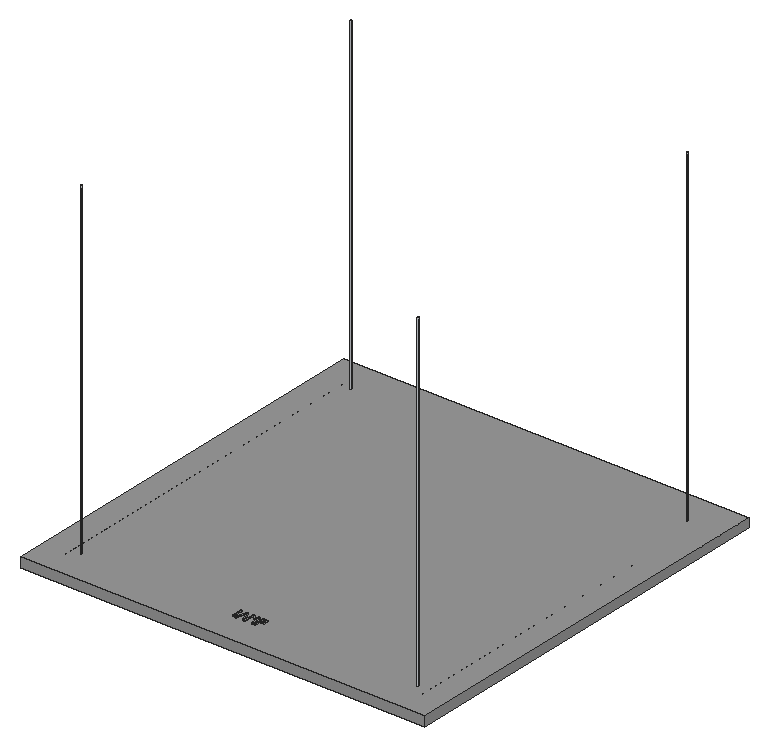
Revit family "LAMP_PLAT G3 (DALI)", category Luminarias, Revit 2015
Parameters (values of type "600x600 3000 IP40 OPAL")
  Ángulo de inclinación = 90.00°
  Weight = 3.90 kg
  Wattage = 31 W
  UGR = ""
  Type = "MID POWER SAMSUNG"
  Suspension [instance] = if(Suspension height = 0 mm, 1 = 0, 1 = 1)  # yes
  Separación luz = 20 mm
  Recessed dimensions = "617x617x14"
  built-in parameter 1150110 = 1 (stored number, unit not read)
  Protection rating = "IP40 / IK06"
  Product datasheet = "http://www.lamp.es/product-files/TECH/PL306035OP4030DW-EN.pdf"
  Product code = "PL306035OP4030DW"
  Product URL = "http://www.lamp.es/en/family/plat_33433"
  Power Supply = "220-240V 50-60Hz"
  Power = 28 W
  Plum = 31 W
  Modelo = Product code  # "PL306035OP4030DW"
  Material marco empotrar = LAMP_Aluminio Plat BL
  Material marco PLAT = LAMP_Acero Plat BL
  Material difusor = LAMP_PC Difusor Opal Plat
  Marco [instance] = if(Suspension height = 0 mm, 1 = 1, 1 = 0)  # no
  Manufacturer name = "LAMP"
  Manufacturer country = "Spain"
  Manufacturer URL = "http://www.lamp.es/en"
  MacAdam = "3"
  Lámpara = "MID-POWER LED"
  Luminaire type = "Indoor - Recessed and suspended luminaire"
  Last update = "21/06/2018"
  L_Susp = if(L = 1196 mm, 1096 mm, 496 mm)  # 496 mm
  L_Marco_2 = if(L = 1196 mm, 1200 mm, 600 mm)  # 600 mm
  L_Marco_1 = if(L = 1196 mm, 1198.4 mm, 598.4 mm)  # 598.4 mm
  L_2 = if(L = 1196 mm, 1126 mm, 526 mm)  # 526 mm
  L_1 = if(L = 1196 mm, 1154 mm, 554 mm)  # 554 mm
  LED Lifetime = "50.000 L80 B10"
  Insulation class = "II"
  Installation instructions = "http://www.lamp.es/product-files/INS/1004380-B-INSTR.%20PLAT%20G3.pdf"
  IEE = "A+"
  Height = 14 mm
  Gear = "Adjustable DALI"
  Finish = "Matte Traffic White"
  built-in parameter 1114217 = 1 (stored number, unit not read)
  built-in parameter 1150109 = 1 (stored number, unit not read)
  Fabricante = Manufacturer name  # "LAMP"
  Efficacy = 109.7 lm/W
  Dimensions = "596x596x14"
  Descripción = "PLAT G3 600X600 3400 WW OPAL IP40 WH"
  built-in parameter 1150134 = (empty or 0)
  built-in parameter 1150113 = 1 (stored number, unit not read)
  Lumens = 3400.7 lm
  built-in parameter 1150115 = 1 (stored number, unit not read)
  built-in parameter 1150105 = 1173.1 (stored number, unit not read)
  built-in parameter 1150137 = (empty or 0)
  built-in parameter 1150139 = (empty or 0)
  built-in parameter 1150112 = 1 (stored number, unit not read)
  built-in parameter 1150114 = 1 (stored number, unit not read)
  built-in parameter 1150132 = 2
  built-in parameter 1150102 = (empty or 0)
  built-in parameter 1150138 = (empty or 0)
  built-in parameter 1150107 = 3000 (stored number, unit not read)
  built-in parameter 1150106 = 11.731 (stored number, unit not read)
  built-in parameter 1150104 = 10.191 (stored number, unit not read)
  Dimming Lamp Color Temperature Shift = (empty or 0)
  Color Filter = 16777215
  built-in parameter 1114218 = 1 (stored number, unit not read)
  L_3 = if(L = 1196 mm, 1126 mm, 526 mm)  # 526 mm
  CRI = "80"
  Archivo de red fotométrica = "PL306035OP4030NW.IES"
  Altura susp [instance] = if(Suspension height > 1000 mm, 1000 mm, if(Suspension height < 0 mm, 0 mm, Suspension height))  # 500 mm
  A_Susp = if(A = 296 mm, 196 mm, 496 mm)  # 496 mm
  A_Marco_2 = if(A = 296 mm, 298.4 mm, 598.4 mm)  # 598.4 mm
  A_Marco_1 = if(A = 296 mm, 300 mm, 600 mm)  # 600 mm
  A_3 = if(A = 296 mm, 226 mm, 526 mm)  # 526 mm
  A_2 = if(A = 296 mm, 226 mm, 526 mm)  # 526 mm
  A_1 = if(A = 296 mm, 254 mm, 554 mm)  # 554 mm
  A = 596 mm
  L = 596 mm
  Suspension height [instance] = 500 mm
  built-in parameter 1150133 = 10 (stored number, unit not read)
Types (10, lengths in mm): name | UGR | Recessed dimensions | Protection rating | Product datasheet | Product code | Modelo | Material difusor | L_Susp | L_Marco_2 | L_Marco_1 | L_2 | L_1 | Installation instructions | Efficacy | Dimensions | Descripción | built-in parameter 1150134 | Lumens | built-in parameter 1150105 | built-in parameter 1150132 | built-in parameter 1150107 | built-in parameter 1150106 | built-in parameter 1150104 | L_3 | Archivo de red fotométrica | A_Susp | A_Marco_2 | A_Marco_1 | A_3 | A_2 | A_1 | A | L
  600x600 3000 IP40 OPAL | "" | "617x617x14" | "IP40 / IK06" | "http://www.lamp.es/product-files/TECH/PL306035OP4030DW-EN.pdf" | "PL306035OP4030DW" | "PL306035OP4030DW" | LAMP_PC Difusor Opal Plat | 496 | 600 | 598.4 | 526 | 554 | "http://www.lamp.es/product-files/INS/1004380-B-INSTR.%20PLAT%20G3.pdf" | 109.7 lm/W | "596x596x14" | "PLAT G3 600X600 3400 WW OPAL IP40 WH" | (empty or 0) | 3400.7 lm | 1173.1 (stored number, unit not read) | 2 | 3000 (stored number, unit not read) | 11.731 (stored number, unit not read) | 10.191 (stored number, unit not read) | 526 | "PL306035OP4030NW.IES" | 496 | 598.4 | 600 | 526 | 526 | 554 | 596 | 596
  600x600 4000 IP40 OPAL | "" | "617x617x14" | "IP40 / IK06" | "http://www.lamp.es/product-files/TECH/PL306035OP4040DW-EN.pdf" | "PL306035OP4040DW" | "PL306035OP4040DW" | LAMP_PC Difusor Opal Plat | 496 | 600 | 598.4 | 526 | 554 | "" | 116.1 lm/W | "596x596x14" | "PLAT G3 600X600 3600 NW OPAL IP40 WH" | (empty or 0) | 3599.1 lm | 1241.6 (stored number, unit not read) | 2 | 4000 (stored number, unit not read) | 12.416 (stored number, unit not read) | 10.786 (stored number, unit not read) | 526 | "PL306035OP4040NW.IES" | 496 | 598.4 | 600 | 526 | 526 | 554 | 596 | 596
  600x600 3000 IP54 OPAL | "" | "617x617x14" | "IP54 / IK06" | "http://www.lamp.es/product-files/TECH/PL306035OP5430DW-EN.pdf" | "PL306035OP5430DW" | "PL306035OP5430DW" | LAMP_PC Difusor Opal Plat | 496 | 600 | 598.4 | 526 | 554 | "" | 109.7 lm/W | "596x596x14" | "PLAT G3 600X600 3400 WW OPAL IP54 WH" | (empty or 0) | 3400.7 lm | 1173.1 (stored number, unit not read) | 2 | 3000 (stored number, unit not read) | 11.731 (stored number, unit not read) | 10.191 (stored number, unit not read) | 526 | "PL306035OP5430NW.IES" | 496 | 598.4 | 600 | 526 | 526 | 554 | 596 | 596
  600x600 4000 IP54 OPAL | "" | "617x617x14" | "IP54 / IK06" | "http://www.lamp.es/product-files/TECH/PL306035OP5440DW-EN.pdf" | "PL306035OP5440DW" | "PL306035OP5440DW" | LAMP_PC Difusor Opal Plat | 496 | 600 | 598.4 | 526 | 554 | "" | 116.1 lm/W | "596x596x14" | "PLAT G3 600X600 3600 NW OPAL IP54 WH" | (empty or 0) | 3599.1 lm | 1241.6 (stored number, unit not read) | 2 | 4000 (stored number, unit not read) | 12.416 (stored number, unit not read) | 10.786 (stored number, unit not read) | 526 | "PL306035OP5440NW.IES" | 496 | 598.4 | 600 | 526 | 526 | 554 | 596 | 596
  600x600 3000 IP40 PRIS | "19" | "617x617x14" | "IP40 / IK06" | "http://www.lamp.es/product-files/TECH/PL306035PR4030DW-EN.pdf" | "PL306035PR4030DW" | "PL306035PR4030DW" | LAMP_PC Difusor Prismático Plat | 496 | 600 | 598.4 | 526 | 554 | "" | 103.2 lm/W | "596x596x14" | "PLAT G3 600X600 3200 WW PRIS IP40 WH" | (empty or 0) | 3199.2 lm | 1103.6 (stored number, unit not read) | (empty or 0) | 3000 (stored number, unit not read) | 11.036 (stored number, unit not read) | 9.5876 (stored number, unit not read) | 526 | "PL306035PR4030NW.IES" | 496 | 598.4 | 600 | 526 | 526 | 554 | 596 | 596
  600x600 4000 IP40 PRIS | "19" | "617x617x14" | "IP40 / IK06" | "http://www.lamp.es/product-files/TECH/PL306035PR4040DW-EN.pdf" | "PL306035PR4040DW" | "PL306035PR4040DW" | LAMP_PC Difusor Prismático Plat | 496 | 600 | 598.4 | 526 | 554 | "" | 109.7 lm/W | "596x596x14" | "PLAT G3 600X600 3400 NW PRIS IP40 WH" | (empty or 0) | 3400.7 lm | 1173.1 (stored number, unit not read) | 2 | 4000 (stored number, unit not read) | 11.731 (stored number, unit not read) | 10.191 (stored number, unit not read) | 526 | "PL306035PR4040NW.IES" | 496 | 598.4 | 600 | 526 | 526 | 554 | 596 | 596
  1200x300 3000 IP40 OPAL | "" | "1217x317x14" | "IP40 / IK06" | "http://www.lamp.es/product-files/TECH/PL312035OP4030DW-EN.pdf" | "PL312035OP4030DW" | "PL312035OP4030DW" | LAMP_PC Difusor Opal Plat | 1096 | 1200 | 1198.4 | 1126 | 1154 | "" | 109.7 lm/W | "1196x296x14" | "PLAT G3 1200X300 3400 WW OPAL IP40 WH" | (empty or 0) | 3400.7 lm | 1173.1 (stored number, unit not read) | 2 | 3000 (stored number, unit not read) | 11.731 (stored number, unit not read) | 10.191 (stored number, unit not read) | 1126 | "PL312035OP4030NW.IES" | 196 | 298.4 | 300 | 226 | 226 | 254 | 296 | 1196
  1200x300 4000 IP40 OPAL | "" | "1217x317x14" | "IP40 / IK06" | "http://www.lamp.es/product-files/TECH/PL312035OP4040DW-EN.pdf" | "PL312035OP4040DW" | "PL312035OP4040DW" | LAMP_PC Difusor Opal Plat | 1096 | 1200 | 1198.4 | 1126 | 1154 | "" | 116.1 lm/W | "1196x296x14" | "PLAT G3 1200X300 3600 NW OPAL IP40 WH" | (empty or 0) | 3599.1 lm | 1241.6 (stored number, unit not read) | 2 | 4000 (stored number, unit not read) | 12.416 (stored number, unit not read) | 10.786 (stored number, unit not read) | 1126 | "PL312035OP4040NW.IES" | 196 | 298.4 | 300 | 226 | 226 | 254 | 296 | 1196
  1200x300 3000 IP40 PRIS | "19" | "1217x317x14" | "IP40 / IK06" | "http://www.lamp.es/product-files/TECH/PL312035PR4030DW-EN.pdf" | "PL312035PR4030DW" | "PL312035PR4030DW" | LAMP_PC Difusor Prismático Plat | 1096 | 1200 | 1198.4 | 1126 | 1154 | "" | 103.2 lm/W | "1196x296x14" | "PLAT G3 1200X300 3200 WW PRIS IP40 WH" | (empty or 0) | 3199.2 lm | 1103.6 (stored number, unit not read) | 2 | 3000 (stored number, unit not read) | 11.036 (stored number, unit not read) | 9.5876 (stored number, unit not read) | 1126 | "PL312035PR4030NW.IES" | 196 | 298.4 | 300 | 226 | 226 | 254 | 296 | 1196
  1200x300 4000 IP40 PRIS | "19" | "1217x317x14" | "IP40 / IK06" | "http://www.lamp.es/product-files/TECH/PL312035PR4030DW-EN.pdf" | "PL312035PR4040DW" | "PL312035PR4040DW" | LAMP_PC Difusor Prismático Plat | 1096 | 1200 | 1198.4 | 1126 | 1154 | "" | 103.2 lm/W | "1196x296x14" | "PLAT G3 1200X300 3200 WW PRIS IP40 WH" | 12 | 3400.7 lm | 1415 (stored number, unit not read) | 2 | 4000 (stored number, unit not read) | 14.15 (stored number, unit not read) | 10.191 (stored number, unit not read) | 1126 | "PL312035PR4040NW.IES" | 196 | 298.4 | 300 | 226 | 226 | 254 | 296 | 1196
Reference planes
  plane 1 "Eje de origen de luz (F/P)": y = 0
  plane 2: z = 0
  plane 3 "Eje de origen de luz (I/D)": x = 0
  plane 4 "Techo": z = 4000
  plane 5 "Elevación de origen de luz": z = 3480
  plane 6: z = 3500
Forms (mm)
  Extrusion 1, solid, material "LAMP_Acero Plat BL" <- "Material marco PLAT"
    sketch origin (1919.207, 6000, 3500) x (1, 0, 0) y (0, 1, 0)
      loop
        line (-2217.207, -5702) -> (-2217.207, -6298) -> (-1621.207, -6298) -> (-1621.207, -5702) -> (-2217.207, -5702)
    from 0 to 14
  Blend 2, void
    base sketch origin (1919.207, 6000, 3500) x (0, 1, 0) y (-1, 0, 0)
      loop
        line (-5723, 1859.207) -> (-5723, 2196.207) -> (-6277, 2196.207) -> (-6277, 1642.207) -> (-5723, 1642.207) -> (-5723, 1859.207)
    top sketch origin (1919.207, 6000, 3500) x (1, 0, 0) y (0, 1, 0)
      loop
        line (-2139.207, -5737) -> (-2182.207, -5737) -> (-2182.207, -6263) -> (-1656.207, -6263) -> (-1656.207, -5737) -> (-2139.207, -5737)
    from 0 to 4
  Extrusion 3, void
    sketch origin (1919.207, 6000, 3500) x (0, 1, 0) y (1, 0, 0)
      loop
        line (-5737, -2182.207) -> (-5737, -1656.207) -> (-6263, -1656.207) -> (-6263, -2182.207) -> (-5737, -2182.207)
    from -13 to -4
  Extrusion 4, solid, material "LAMP_PC Difusor Opal Plat" <- "Material difusor"
    sketch origin (1919.207, 6000, 3500) x (1, 0, 0) y (0, 1, 0)
      loop
        line (-2182.207, -5737) -> (-2182.207, -6263) -> (-1656.207, -6263) -> (-1656.207, -5737) -> (-2182.207, -5737)
    from 4 to 13
  Extrusion 5, solid, visible <- "Suspension"
    sketch origin (1919.207, 6000, 3500) x (1, 0, 0) y (0, 1, 0)
      loop
        circle (-2167.207, -5752) r 1
      loop
        circle (-1671.207, -5752) r 1
      loop
        circle (-2167.207, -6248) r 1
      loop
        circle (-1671.207, -6248) r 1
    from 14 to 500
  Extrusion 6, solid, material "LAMP_Aluminio Plat BL" <- "Material marco empotrar", visible <- "Marco"
    sketch origin (0, 0, 0) x (1, 0, 0) y (0, 0, 1)
      loop
        line (-290.1, 4000) -> (-299.2, 4000) -> (-299.2, 4050) -> (-270.2, 4050) -> (-270.2, 4051) -> (-299, 4051)
        arc (-299, 4051) -> (-299.707, 4050.707) -> (-300, 4050) r 1
        line (-300, 4050) -> (-300, 4000)
        arc (-300, 4000) -> (-299.707, 3999.293) -> (-299, 3999) r 1
        line (-299, 3999) -> (-290.1, 3999) -> (-290.1, 4000)
      loop
        line (290.1, 4000) -> (290.1, 3999) -> (299, 3999)
        arc (299, 3999) -> (299.707, 3999.293) -> (300, 4000) r 1
        line (300, 4000) -> (300, 4050)
        arc (300, 4050) -> (299.707, 4050.707) -> (299, 4051) r 1
        line (299, 4051) -> (270.2, 4051) -> (270.2, 4050) -> (299.2, 4050) -> (299.2, 4000) -> (290.1, 4000)
    from -300 to 300
  Extrusion 7, solid, material "LAMP_Aluminio Plat BL" <- "Material marco empotrar", visible <- "Marco"
    sketch origin (0, 0, 0) x (0, 1, 0) y (0, 0, 1)
      loop
        line (-290.1, 4000) -> (-299.2, 4000) -> (-299.2, 4050) -> (-270.2, 4050) -> (-270.2, 4051) -> (-299, 4051)
        arc (-299, 4051) -> (-299.707, 4050.707) -> (-300, 4050) r 1
        line (-300, 4050) -> (-300, 4000)
        arc (-300, 4000) -> (-299.707, 3999.293) -> (-299, 3999) r 1
        line (-299, 3999) -> (-290.1, 3999) -> (-290.1, 4000)
      loop
        line (290.1, 4000) -> (290.1, 3999) -> (299, 3999)
        arc (299, 3999) -> (299.707, 3999.293) -> (300, 4000) r 1
        line (300, 4000) -> (300, 4050)
        arc (300, 4050) -> (299.707, 4050.707) -> (299, 4051) r 1
        line (299, 4051) -> (270.2, 4051) -> (270.2, 4050) -> (299.2, 4050) -> (299.2, 4000) -> (290.1, 4000)
    from -300 to 300
  Extrusion 8, solid, material "LAMP_Acero Plat BL" <- "Material marco PLAT"
    sketch origin (195, 0, 3480) x (-1, 0, 0) y (0, -1, 0)
      loop
        arc (216.289, 252.998) -> (216.071, 253.525) -> (215.544, 253.743) r 0.745
        line (215.544, 253.743) -> (211.004, 253.743)
        arc (211.004, 253.743) -> (210.554, 253.599) -> (210.272, 253.221) r 0.775
        line (210.272, 253.221) -> (205.731, 240.025) -> (201.216, 253.148)
        arc (201.216, 253.148) -> (200.951, 253.504) -> (200.528, 253.639) r 0.727
        line (200.528, 253.639) -> (197.107, 253.639)
        arc (197.107, 253.639) -> (196.592, 253.426) -> (196.379, 252.91) r 0.729
        line (196.379, 252.91) -> (196.379, 240.094) -> (192.425, 244.048) -> (188.319, 239.942) -> (188.319, 253.036)
        arc (188.319, 253.036) -> (188.112, 253.536) -> (187.612, 253.743) r 0.708
        line (187.612, 253.743) -> (182.535, 253.743)
        arc (182.535, 253.743) -> (181.993, 253.519) -> (181.769, 252.977) r 0.766
        line (181.769, 252.977) -> (181.769, 240.578)
        arc (181.769, 240.578) -> (181.552, 240.054) -> (181.029, 239.837) r 0.74
        line (181.029, 239.837) -> (177.585, 239.837)
        arc (177.585, 239.837) -> (177.046, 240.061) -> (176.822, 240.6) r 0.762
        line (176.822, 240.6) -> (176.822, 243.202)
        arc (176.822, 243.202) -> (177.044, 243.737) -> (177.58, 243.959) r 0.758
        line (177.58, 243.959) -> (180.751, 243.959)
        arc (180.751, 243.959) -> (181.576, 244.784) -> (180.751, 245.608) r 0.824
        line (180.751, 245.608) -> (175.913, 245.608)
        arc (175.913, 245.608) -> (175.39, 245.392) -> (175.174, 244.869) r 0.739
        line (175.174, 244.869) -> (175.174, 238.964)
        arc (175.174, 238.964) -> (175.401, 238.416) -> (175.949, 238.188) r 0.776
        line (175.949, 238.188) -> (182.652, 238.188)
        arc (182.652, 238.188) -> (183.193, 238.413) -> (183.418, 238.954) r 0.766
        line (183.418, 238.954) -> (183.418, 251.35)
        arc (183.418, 251.35) -> (183.642, 251.891) -> (184.184, 252.116) r 0.766
        line (184.184, 252.116) -> (185.88, 252.116)
        arc (185.88, 252.116) -> (186.419, 251.893) -> (186.642, 251.354) r 0.762
        line (186.642, 251.354) -> (186.642, 239.706)
        arc (186.642, 239.706) -> (187.838, 238.044) -> (189.794, 238.65) r 1.753
        line (189.794, 238.65) -> (192.425, 241.281) -> (195.055, 238.65)
        arc (195.055, 238.65) -> (197.011, 238.044) -> (198.207, 239.706) r 1.753
        line (198.207, 239.706) -> (198.207, 251.167)
        arc (198.207, 251.167) -> (198.997, 252.101) -> (200.048, 251.475) r 0.946
        line (200.048, 251.475) -> (204.255, 239.242)
        arc (204.255, 239.242) -> (205.731, 238.188) -> (207.208, 239.242) r 1.561
        line (207.208, 239.242) -> (211.457, 251.597)
        arc (211.457, 251.597) -> (211.737, 251.973) -> (212.184, 252.116) r 0.768
        line (212.184, 252.116) -> (213.908, 252.116)
        arc (213.908, 252.116) -> (214.426, 251.901) -> (214.641, 251.383) r 0.733
        line (214.641, 251.383) -> (214.641, 238.925)
        arc (214.641, 238.925) -> (215.465, 238.101) -> (216.289, 238.925) r 0.824
        line (216.289, 238.925) -> (216.289, 252.998)
    from 34 to 35
Cuts and joins
  Blend 2, Extrusion 3 cuts Extrusion 1
Text (mm)
  text "Any modification of the parameters and properties of the LAMP BIM models must be executed and validated by the LAMP technical department.\n\nPhone: +34 93 736 68 00\n\nE-mail: lamp@lamp.es\n\n\n\nLAMP reserves the right to modify the technical specifications of its products." at (-1742.333, -94.774, 5399.521), in view "Preview"
Dimensions and locks
  equal spacing: host sketch curve, plane 3 "Eje de origen de luz (I/D)", host sketch curve
  equal spacing: host sketch curve, plane 1 "Eje de origen de luz (F/P)", host sketch curve
  host sketch curve to host sketch curve = 4000 mm  (x2)
  locked: plane 4 "Techo" to host ceiling at 0
  "Altura susp": plane 6 to plane 4 "Techo"
  "A": Extrusion 1 sketch curve to Extrusion 1 sketch curve
  "L": Extrusion 1 sketch curve to Extrusion 1 sketch curve
  equal spacing: Extrusion 1 sketch curve, plane 3 "Eje de origen de luz (I/D)", Extrusion 1 sketch curve
  equal spacing: Extrusion 1 sketch curve, plane 1 "Eje de origen de luz (F/P)", Extrusion 1 sketch curve
  "A_1": Blend 2 sketch curve to Blend 2 sketch curve
  "L_1": Blend 2 sketch curve to Blend 2 sketch curve
  equal spacing: Blend 2 sketch curve, plane 3 "Eje de origen de luz (I/D)", Blend 2 sketch curve  (x2)
  equal spacing: Blend 2 sketch curve, plane 1 "Eje de origen de luz (F/P)", Blend 2 sketch curve  (x2)
  "A_2": Extrusion 4 to Extrusion 4
  equal spacing: Extrusion 4, plane 3 "Eje de origen de luz (I/D)", Extrusion 4
  equal spacing: Extrusion 4, plane 1 "Eje de origen de luz (F/P)", Extrusion 4
  "L_2": Extrusion 4 to Extrusion 4
  "L_2": Blend 2 sketch curve to Blend 2 sketch curve
  "A_2": Blend 2 sketch curve to Blend 2 sketch curve
  equal spacing: cut or joined group of Extrusion 1, Blend 2, Extrusion 3, plane 3 "Eje de origen de luz (I/D)", cut or joined group of Extrusion 1, Blend 2, Extrusion 3
  "A_3": cut or joined group of Extrusion 1, Blend 2, Extrusion 3 to cut or joined group of Extrusion 1, Blend 2, Extrusion 3
  equal spacing: cut or joined group of Extrusion 1, Blend 2, Extrusion 3, plane 1 "Eje de origen de luz (F/P)", cut or joined group of Extrusion 1, Blend 2, Extrusion 3
  "L_3": cut or joined group of Extrusion 1, Blend 2, Extrusion 3 to cut or joined group of Extrusion 1, Blend 2, Extrusion 3
  "Separación luz": plane 5 "Elevación de origen de luz" to plane 6
  equal spacing: Extrusion 7, plane 3 "Eje de origen de luz (I/D)", Extrusion 7
  "A_Marco_1": Extrusion 7 to Extrusion 7
  equal spacing: Extrusion 7, plane 1 "Eje de origen de luz (F/P)", Extrusion 7
  "L_Marco_1": Extrusion 7 to Extrusion 7
  equal spacing: Extrusion 6, plane 1 "Eje de origen de luz (F/P)", Extrusion 6
  "L_Marco_2": Extrusion 6 to Extrusion 6
  equal spacing: Extrusion 6, plane 3 "Eje de origen de luz (I/D)", Extrusion 6
  "A_Marco_2": Extrusion 6 to Extrusion 6
  equal spacing: Extrusion 5 sketch curve, plane 3 "Eje de origen de luz (I/D)", Extrusion 5 sketch curve  (x2)
  "A_Susp": Extrusion 5 sketch curve to Extrusion 5 sketch curve  (x2)
  equal spacing: Extrusion 5 sketch curve, plane 1 "Eje de origen de luz (F/P)", Extrusion 5 sketch curve  (x2)
  "L_Susp": Extrusion 5 sketch curve to Extrusion 5 sketch curve  (x2)
  aligned and locked: plane 3 "Eje de origen de luz (I/D)" to imposter light
  aligned and locked: plane 1 "Eje de origen de luz (F/P)" to imposter light
  aligned and locked: plane 5 "Elevación de origen de luz" to imposter light
  aligned and locked: Extrusion 5 to cut or joined group of Extrusion 1, Blend 2, Extrusion 3
  aligned and locked: Extrusion 5 to plane 4 "Techo"
Automatic sketch dimensions
  Extrusion 3 sketch curve to plane 3 "Eje de origen de luz (I/D)" = 263 mm
  plane 3 "Eje de origen de luz (I/D)" to Extrusion 3 sketch curve = 263 mm
  plane 1 "Eje de origen de luz (F/P)" to Extrusion 3 sketch curve = 263 mm
  Extrusion 3 sketch curve to plane 1 "Eje de origen de luz (F/P)" = 263 mm
  Extrusion 4 sketch curve to plane 3 "Eje de origen de luz (I/D)" = 263 mm
  plane 3 "Eje de origen de luz (I/D)" to Extrusion 4 sketch curve = 263 mm
  plane 1 "Eje de origen de luz (F/P)" to Extrusion 4 sketch curve = 263 mm
  Extrusion 4 sketch curve to plane 1 "Eje de origen de luz (F/P)" = 263 mm
  plane 4 "Techo" to Extrusion 7 sketch curve = 0 mm  (x4)
  plane 1 "Eje de origen de luz (F/P)" to Extrusion 7 sketch curve = 300 mm
  Extrusion 7 sketch curve to Extrusion 7 sketch curve = 0.8 mm
  Extrusion 7 sketch curve to Extrusion 7 sketch curve = 0.2 mm  (x3)
  Extrusion 7 sketch curve to Extrusion 7 sketch curve = 8.9 mm  (x2)
  Extrusion 7 sketch curve to Extrusion 7 sketch curve = 28.8 mm  (x2)
  Extrusion 7 sketch curve to plane 4 "Techo" = 51 mm
  Extrusion 7 sketch curve to plane 1 "Eje de origen de luz (F/P)" = 270.2 mm
  plane 4 "Techo" to Extrusion 7 sketch curve = 1 mm
  Extrusion 7 sketch curve to Extrusion 7 sketch curve = 19.9 mm
  Extrusion 7 sketch curve to plane 4 "Techo" = 50 mm
  Extrusion 7 sketch curve to Extrusion 7 sketch curve = 1 mm  (x2)
  Extrusion 6 sketch curve to plane 4 "Techo" = 0 mm  (x4)
  Extrusion 6 sketch curve to plane 3 "Eje de origen de luz (I/D)" = 300 mm
  Extrusion 6 sketch curve to Extrusion 6 sketch curve = 0.8 mm
  Extrusion 6 sketch curve to Extrusion 6 sketch curve = 0.2 mm  (x3)
  Extrusion 6 sketch curve to Extrusion 6 sketch curve = 8.9 mm  (x2)
  Extrusion 6 sketch curve to Extrusion 6 sketch curve = 28.8 mm  (x2)
  Extrusion 6 sketch curve to plane 4 "Techo" = 51 mm
  plane 3 "Eje de origen de luz (I/D)" to Extrusion 6 sketch curve = 270.2 mm
  plane 4 "Techo" to Extrusion 6 sketch curve = 1 mm
  Extrusion 6 sketch curve to Extrusion 6 sketch curve = 19.9 mm
  Extrusion 6 sketch curve to Extrusion 6 sketch curve = 50 mm
  Extrusion 6 sketch curve to Extrusion 6 sketch curve = 1 mm  (x2)
  plane 3 "Eje de origen de luz (I/D)" to Extrusion 8 sketch curve = 19.826 mm
  Extrusion 8 sketch curve to Extrusion 8 sketch curve = 0.739 mm
  Extrusion 8 sketch curve to Extrusion 8 sketch curve = 0.776 mm
  Extrusion 8 sketch curve to Extrusion 8 sketch curve = 0.91 mm
  Extrusion 8 sketch curve to Extrusion 8 sketch curve = 0.758 mm
  Extrusion 8 sketch curve to Extrusion 8 sketch curve = 0.762 mm  (x2)
  Extrusion 8 sketch curve to Extrusion 8 sketch curve = 3.171 mm
  Extrusion 8 sketch curve to Extrusion 8 sketch curve = 3.444 mm
  Extrusion 8 sketch curve to Extrusion 8 sketch curve = 1.018 mm
  Extrusion 8 sketch curve to Extrusion 8 sketch curve = 0.766 mm  (x3)
  Extrusion 8 sketch curve to Extrusion 8 sketch curve = 1.623 mm
  Extrusion 8 sketch curve to Extrusion 8 sketch curve = 1.696 mm
  Extrusion 8 sketch curve to Extrusion 8 sketch curve = 1.732 mm
  Extrusion 8 sketch curve to Extrusion 8 sketch curve = 1.677 mm
  Extrusion 8 sketch curve to Extrusion 8 sketch curve = 0.076 mm  (x2)
  Extrusion 8 sketch curve to Extrusion 8 sketch curve = 1.399 mm
  Extrusion 8 sketch curve to Extrusion 8 sketch curve = 2.631 mm  (x2)
  Extrusion 8 sketch curve to Extrusion 8 sketch curve = 0 mm  (x3)
  Extrusion 8 sketch curve to Extrusion 8 sketch curve = 1.323 mm
  Extrusion 8 sketch curve to Extrusion 8 sketch curve = 0.729 mm
  Extrusion 8 sketch curve to Extrusion 8 sketch curve = 1.753 mm
  Extrusion 8 sketch curve to Extrusion 8 sketch curve = 0.946 mm
  Extrusion 8 sketch curve to Extrusion 8 sketch curve = 0.895 mm
  Extrusion 8 sketch curve to Extrusion 8 sketch curve = 0.48 mm
  Extrusion 8 sketch curve to Extrusion 8 sketch curve = 0.688 mm
  Extrusion 8 sketch curve to Extrusion 8 sketch curve = 6.048 mm
  Extrusion 8 sketch curve to Extrusion 8 sketch curve = 1.476 mm  (x2)
  Extrusion 8 sketch curve to Extrusion 8 sketch curve = 9.055 mm
  Extrusion 8 sketch curve to Extrusion 8 sketch curve = 0.733 mm
  Extrusion 8 sketch curve to Extrusion 8 sketch curve = 0.453 mm
  Extrusion 8 sketch curve to Extrusion 8 sketch curve = 0.727 mm  (x2)
  Extrusion 8 sketch curve to Extrusion 8 sketch curve = 1.725 mm
  Extrusion 8 sketch curve to Extrusion 8 sketch curve = 7.433 mm
  Extrusion 8 sketch curve to Extrusion 8 sketch curve = 0.824 mm  (x2)
  Extrusion 8 sketch curve to Extrusion 8 sketch curve = 0.745 mm
  plane 1 "Eje de origen de luz (F/P)" to Extrusion 8 sketch curve = 238.188 mm
  Extrusion 8 sketch curve to Extrusion 8 sketch curve = 0.305 mm
  Extrusion 8 sketch curve to Extrusion 8 sketch curve = 0.781 mm
  Extrusion 8 sketch curve to Extrusion 8 sketch curve = 0.464 mm
  Extrusion 8 sketch curve to Extrusion 8 sketch curve = 0.508 mm
  Extrusion 8 sketch curve to Extrusion 8 sketch curve = 0.883 mm
  Extrusion 8 sketch curve to Extrusion 8 sketch curve = 0.236 mm
  Extrusion 8 sketch curve to Extrusion 8 sketch curve = 0.276 mm
  Extrusion 8 sketch curve to Extrusion 8 sketch curve = 0.387 mm
  Extrusion 8 sketch curve to Extrusion 8 sketch curve = 2.602 mm
  Extrusion 8 sketch curve to Extrusion 8 sketch curve = 7.12 mm
  Extrusion 8 sketch curve to Extrusion 8 sketch curve = 0.128 mm
  Extrusion 8 sketch curve to Extrusion 8 sketch curve = 5.741 mm
  Extrusion 8 sketch curve to Extrusion 8 sketch curve = 0.036 mm
  Extrusion 8 sketch curve to Extrusion 8 sketch curve = 1.743 mm
  Extrusion 8 sketch curve to Extrusion 8 sketch curve = 1.371 mm
  Extrusion 8 sketch curve to Extrusion 8 sketch curve = 1.628 mm
  Extrusion 8 sketch curve to Extrusion 8 sketch curve = 1.615 mm
  plane 3 "Eje de origen de luz (I/D)" to Blend 2 sketch curve = 60 mm
  Blend 2 sketch curve to Blend 2 sketch curve = 43 mm
  radius of Extrusion 5 sketch curve = 1 mm  (x4)
Connectors
  electrical at (0, 0, 3514)
    settings: on cut or joined group of Extrusion 1, Blend 2, Extrusion 3, index 1, voltage 230 V, apparent load 0 VA, apparent load phase1 0 VA, apparent load phase2 0 VA, apparent load phase3 0 VA, power factor 1, load classification "Otro", number of poles 1, system type 31, power factor state 1, is connector primary yes, connector utility no, sub classification motor no, connector description ""
